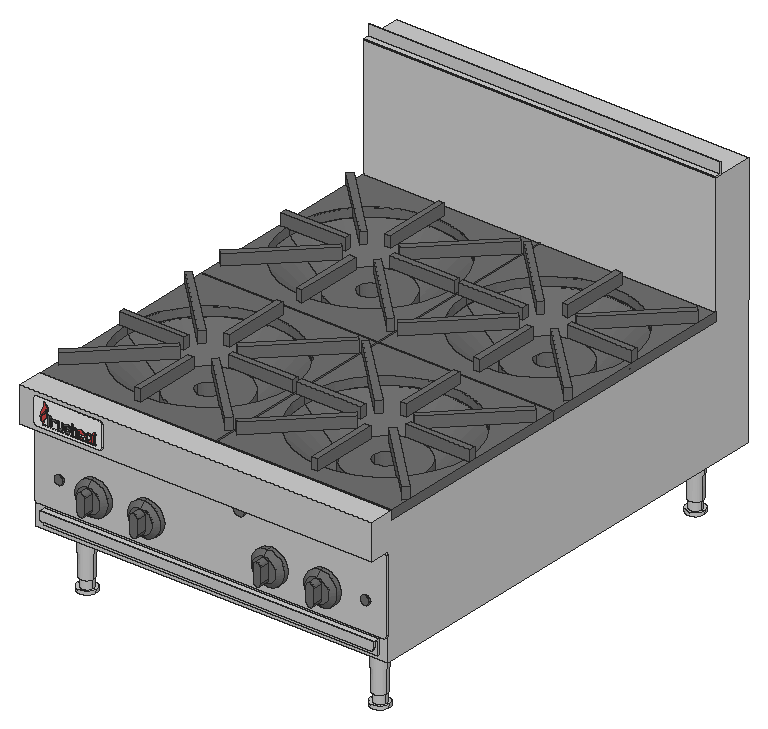
Revit family "QF_COMCATER ALL BRANDS_RCT6-4", category Specialty Equipment, Revit 2014
Parameters (values of type "RCT6-4_Natural Gas")
  URL Cutsheet = ""
  URL = ""
  Type Comments = "The Australian owned and designed* Trueheat RC Series of Gas Cooking Equipment has been developed for the restaurant and cafe market with a high quality finish, designed to fulfill the busy demands within a commercial kitchen.\r\nPowerful 24MJ/hr open burners with individual standing pilots included.\r\n100% Flame failure controls included as standard. Matt finish Euro look cast iron trivets radiate heat and design makes it easy to move pots around the surface."
  Status [instance] = ""
  Specification by User [instance] = ""
  Specification by Manufacturer [instance] = ""
  Seismic Rating = ""
  SMACNA No = ""
  Revision Code [instance] = ""
  Nominal Gas power = 23400 W
  NAFEM Spec ID Number = ""
  Model = "RCT6-4"
  Mechanical Connection Type [instance] = " "
  Masterspec = ""
  Manufacturer = "TRUEHEAT"
  Length Actual = 600 mm
  Item Number [instance] = ""
  Installed By [instance] = ""
  Identify Quantity as Lot [instance] = no
  Height Actual = 455 mm
  Gas power kW = 23.4
  Gas Size Flexible = 0 mm
  Gas Size = 19.05 mm
  Gas RI Height [instance] = 0 mm
  Gas Flow = 0.0 L/s
  Gas Connection Height [instance] = 121 mm
  Furnished By [instance] = ""
  Foodservice Equipment Identifier [instance] = yes
  Description = "4 BURNER MODULAR TOP"
  Depth Actual = 803 mm
  CSI MasterFormat = ""
  BTUH = 23400 W
  Assembly Code = "E1090320"
  Accessory = no
Types (2): name
  RCT6-4_Natural Gas
  RCT6-4_LPG
Reference planes
  plane 1 "Center (Front/Back)": y = 0
  plane 2: z = 0
  plane 3 "Center (Left/Right)": x = 0
Forms (mm)
  Extrusion 1, solid
    sketch origin (96, 0, 121) x (1, 0, 0) y (0, 1, 0)
      loop
        line (0, 0) -> (2, 0) -> (2, 2) -> (0, 2) -> (0, 0)
    from 0 to 2
Dimensions and locks
  aligned and locked: level to plane 2
Nested families
  nested 1: "QF_COMCATER ALL BRANDS_RCT6-4_Natural Gas" at (0, 0, 100), type "RCT6-4_Natural Gas"
    with Show Logo yes, Show Clearance yes
  nested 2: "QF_COMCATER_B05002-600" at (0, 0, 0), type "B05002-600"
    with Show Logo yes, Show Clearance yes
Connectors
  piping at (97, 2, 122), diameter 19.05, driven by "Gas Size", driven by "Gas Flow"
    settings: on Extrusion 1, index 1, connector inside diameter 609.6 mm, connector length 0 mm, flow factor 0, pipe flow 0.0 L/s, pressure drop 0.0 Pa, fitting loss kfactor 0, connector angle 0.00°, fixture units 0, engagement length 0 mm, angle of deflection 0.00°, flow configuration 1, flow direction 1, fitting loss method 0, system type 22, joint type 0, gender type 0, connector reference index -1, connector utility 0, adjustable connector no, is connector primary yes, connector description "Gas connection for 'RCT6-4'"
Definition of nested family "QF_COMCATER ALL BRANDS_RCT6-4_Natural Gas"
  Parameters (values of type "RCT6-4_Natural Gas")
    URL = "www.comcater.com.au"
    Show Logo [instance] = yes
    Show Clearance [instance] = yes
    Model = "RCT6-4"
    Manufacturer = "TRUEHEAT"
    Description = "4 BURNER MODULAR TOP"
    Assembly Code = "E1090320"
  Reference planes
    plane 1 "Back": y = 0
    plane 2: z = 0
    plane 3 "Left": x = 0
    plane 4 "Right": x = 600
    plane 5 "Front": y = -803
    plane 6 "Top": z = 455
  Forms (mm)
    Extrusion 1, solid
      sketch origin (0, 0, 2.5) x (0, 1, 0) y (0, 0, 1)
        loop
          line (0, 432.5) -> (-70, 432.5) -> (-70, 212.5) -> (-762.176, 212.5) -> (-762.176, 227.5) -> (-803, 227.5) -> (-803, 167.5) -> (-769, 167.5) -> (-769, -2.5) -> (0, -2.5) -> (0, 432.5)
      from 0 to 600
    Revolve 2, solid
      sketch origin (108.337, 7, -489.263) x (0, 1, 0) y (0, 0, 1)
        loop
          line (-786.003, 575.513) -> (-801, 575.513) -> (-801, 555.163) -> (-793.012, 547.176) -> (-786.003, 547.176) -> (-786.003, 575.513)
        axis (-786.003, 575.513) -> (-801, 575.513)
      angle from 0 to 360
    Extrusion 3, solid
      sketch origin (-264.343, -781, -1413.928) x (-0.707107, 0, -0.707107) y (-0.707107, 0, 0.707107)
        loop
          arc (-1328.297, 810.227) -> (-1337.277, 810.227) -> (-1337.277, 801.247) r 6.35
          line (-1337.277, 801.247) -> (-1320.325, 784.294)
          arc (-1320.325, 784.294) -> (-1311.344, 784.294) -> (-1311.344, 793.275) r 6.35
          line (-1311.344, 793.275) -> (-1328.297, 810.227)
      from -13 to -28
    Extrusion 4, solid
      sketch origin (115.838, 31, 58.75) x (1, 0, 0) y (0, 0, 1)
        loop
          circle (234.162, 91.25) r 10.607
      from 803 to 805
    Extrusion 5, solid
      sketch origin (0, -769, 2.5) x (1, 0, 0) y (0, 0, 1)
        loop
          line (0, 162.5) -> (0, 40)
          arc (0, 40) -> (1.464, 36.464) -> (5, 35) r 5
          line (5, 35) -> (595, 35)
          arc (595, 35) -> (598.536, 36.464) -> (600, 40) r 5
          line (600, 40) -> (600, 162.5)
          arc (600, 162.5) -> (598.536, 166.036) -> (595, 167.5) r 5
          line (595, 167.5) -> (5, 167.5)
          arc (5, 167.5) -> (1.464, 166.036) -> (0, 162.5) r 5
      from 0 to 3
    Extrusion 6, solid, visible <- "Show Logo"
      sketch origin (30, -802.5, 9.763) x (1, 0, 0) y (0, 0, 1)
        loop
          line (98.5, 191.841) -> (96.5, 191.841) -> (96.5, 189.798) -> (95.026, 189.798) -> (95.026, 187.798) -> (96.5, 187.798) -> (96.5, 175.237) -> (98.5, 175.237) -> (98.5, 187.798) -> (100, 187.798) -> (100, 189.798) -> (98.5, 189.798) -> (98.5, 191.841)
        loop
          line (94, 187.798) -> (92, 187.798) -> (92, 186.56)
          arc (92, 186.56) -> (81.976, 181.518) -> (92, 176.475) r 6.28
          line (92, 176.475) -> (92, 175.237) -> (94, 175.237) -> (94, 187.798)
        loop
          arc (92, 183.592) -> (83.976, 181.518) -> (92, 179.443) r 4.28
          line (92, 179.443) -> (92, 183.592)
        loop
          line (65.446, 184.298) -> (65.446, 175.237) -> (67.446, 175.237) -> (67.446, 184.729)
          arc (67.446, 184.729) -> (64.497, 187.542) -> (60.446, 187.101) r 4.833
          line (60.446, 187.101) -> (60.446, 191.841) -> (58.446, 191.841) -> (58.446, 175.237) -> (60.446, 175.237) -> (60.446, 184.298)
          arc (60.446, 184.298) -> (62.946, 185.798) -> (65.446, 184.298) r 2.833
        loop
          arc (80.998, 181.518) -> (69.107, 184.34) -> (78.461, 176.475) r 6.28
          line (78.461, 176.475) -> (77.269, 178.081)
          arc (77.269, 178.081) -> (72.794, 177.694) -> (70.437, 181.518) r 4.28
          line (70.437, 181.518) -> (80.998, 181.518)
        loop
          arc (78.502, 183.518) -> (74.717, 185.798) -> (70.933, 183.518) r 4.28
          line (70.933, 183.518) -> (78.502, 183.518)
      from 0 to 2
    Extrusion 7, solid, visible <- "Show Logo"
      sketch origin (14.146, -802.5, 9.763) x (1, 0, 0) y (0, 0, 1)
        loop
          arc (70.804, 183.518) -> (67.02, 185.798) -> (63.236, 183.518) r 4.28
          line (63.236, 183.518) -> (70.804, 183.518)
        loop
          arc (73.3, 181.518) -> (61.409, 184.34) -> (70.764, 176.475) r 6.28
          line (70.764, 176.475) -> (69.572, 178.081)
          arc (69.572, 178.081) -> (65.096, 177.694) -> (62.74, 181.518) r 4.28
          line (62.74, 181.518) -> (73.3, 181.518)
        loop
          line (34.617, 191.841) -> (34.617, 189.798) -> (33.143, 189.798) -> (33.143, 187.798) -> (34.617, 187.798) -> (34.617, 175.237) -> (36.617, 175.237) -> (36.617, 187.798) -> (38.117, 187.798) -> (38.117, 189.798) -> (36.617, 189.798) -> (36.617, 191.841) -> (34.617, 191.841)
        loop
          arc (57.696, 178.737) -> (55.196, 177.237) -> (52.696, 178.737) r 2.833
          line (52.696, 178.737) -> (52.696, 187.798) -> (50.696, 187.798) -> (50.696, 178.307)
          arc (50.696, 178.307) -> (55.196, 175.237) -> (59.696, 178.307) r 4.833
          line (59.696, 178.307) -> (59.696, 187.798) -> (57.696, 187.798) -> (57.696, 178.737)
        loop
          line (41.117, 186.56) -> (41.117, 187.798) -> (39.117, 187.798) -> (39.117, 175.237) -> (41.117, 175.237) -> (41.117, 183.592)
          arc (41.117, 183.592) -> (44.587, 185.789) -> (48.31, 184.053) r 4.28
          line (48.31, 184.053) -> (49.735, 185.478)
          arc (49.735, 185.478) -> (45.643, 187.749) -> (41.117, 186.56) r 6.28
      from 0 to 2
    Extrusion 8, solid, visible <- "Show Logo"
      sketch origin (0, -802.5, 7.5) x (1, 0, 0) y (0, 0, 1)
        loop
          line (130, 176.5) -> (40, 176.5) -> (40, 175.5) -> (130, 175.5) -> (130, 176.5)
        loop
          arc (40, 177.5) -> (40.603, 181.061) -> (42.43, 184.177) r 10.013
          arc (42.43, 184.177) -> (44.457, 187.03) -> (45.914, 190.212) r 18.627
          arc (45.914, 190.212) -> (46.43, 193.956) -> (45.458, 197.608) r 9.58
          arc (45.458, 197.608) -> (44.352, 194.23) -> (41.979, 191.583) r 8.629
          arc (41.979, 191.583) -> (38.017, 184.959) -> (40, 177.5) r 9.924
        loop
          arc (39.054, 199.801) -> (35.351, 191.043) -> (36.701, 181.631) r 17.746
          arc (36.701, 181.631) -> (36.715, 187.191) -> (39.483, 192.014) r 10.848
          arc (39.483, 192.014) -> (42.461, 196.051) -> (44.165, 200.77) r 17.413
          arc (44.165, 200.77) -> (46.042, 199.588) -> (47.328, 197.781) r 5.718
          arc (47.328, 197.781) -> (46.772, 205.563) -> (40.995, 210.808) r 10.489
          arc (40.995, 210.808) -> (41.42, 205.059) -> (39.054, 199.801) r 11.727
      from 0 to 2
    Extrusion 9, solid, visible <- "Show Logo"
      sketch origin (0, -802, 7.5) x (1, 0, 0) y (0, 0, 1)
        loop
          line (29.373, 170.5) -> (135, 170.5)
          arc (135, 170.5) -> (138.536, 171.964) -> (140, 175.5) r 5
          line (140, 175.5) -> (140, 210.808)
          arc (140, 210.808) -> (138.536, 214.344) -> (135, 215.808) r 5
          line (135, 215.808) -> (29.373, 215.808)
          arc (29.373, 215.808) -> (25.837, 214.344) -> (24.373, 210.808) r 5
          line (24.373, 210.808) -> (24.373, 175.5)
          arc (24.373, 175.5) -> (25.837, 171.964) -> (29.373, 170.5) r 5
      from 0 to 2
    Extrusion 10, solid
      sketch origin (-3057.627, -656.5, -667.68) x (1, 0, 0) y (0, 1, 0)
        loop
          line (3503.813, 452.102) -> (3513.813, 452.102) -> (3513.813, 565.456) -> (3503.813, 565.456) -> (3503.813, 452.102)
        loop
          line (3546.914, 419) -> (3546.914, 409) -> (3656.627, 409) -> (3656.627, 419) -> (3546.914, 419)
        loop
          line (3470.712, 419) -> (3360.999, 419) -> (3360.999, 409) -> (3470.712, 409) -> (3470.712, 419)
        loop
          line (3474.8, 433.871) -> (3481.872, 440.942) -> (3367.316, 555.497) -> (3360.245, 548.426) -> (3474.8, 433.871)
        loop
          line (3535.755, 440.942) -> (3542.826, 433.871) -> (3657.381, 548.426) -> (3650.31, 555.497) -> (3535.755, 440.942)
        loop
          line (3503.813, 375.899) -> (3503.813, 262.545) -> (3513.813, 262.545) -> (3513.813, 375.899) -> (3503.813, 375.899)
        loop
          line (3474.8, 394.13) -> (3360.245, 279.574) -> (3367.316, 272.503) -> (3481.872, 387.059) -> (3474.8, 394.13)
        loop
          line (3535.755, 387.059) -> (3650.31, 272.503) -> (3657.381, 279.574) -> (3542.826, 394.13) -> (3535.755, 387.059)
      from 897.68 to 916.73
    Extrusion 11, solid
      sketch origin (-3057.627, -656.5, -662.976) x (1, 0, 0) y (0, 1, 0)
        loop
          line (3657.627, 586.5) -> (3357.649, 586.5) -> (3357.649, 241.5) -> (3657.627, 241.5) -> (3657.627, 586.5)
        loop
          circle (3508.813, 414.196) r 139
      from 877.976 to 892.976
    Revolve 12, solid
      sketch origin (198.337, 7, -489.263) x (0, 1, 0) y (0, 0, 1)
        loop
          line (-786.003, 575.513) -> (-801, 575.513) -> (-801, 555.163) -> (-793.012, 547.176) -> (-786.003, 547.176) -> (-786.003, 575.513)
        axis (-786.003, 575.513) -> (-801, 575.513)
      angle from 0 to 360
    Extrusion 13, solid
      sketch origin (-174.343, -781, -1413.928) x (-0.707107, 0, -0.707107) y (-0.707107, 0, 0.707107)
        loop
          arc (-1328.297, 810.227) -> (-1337.277, 810.227) -> (-1337.277, 801.247) r 6.35
          line (-1337.277, 801.247) -> (-1320.325, 784.294)
          arc (-1320.325, 784.294) -> (-1311.344, 784.294) -> (-1311.344, 793.275) r 6.35
          line (-1311.344, 793.275) -> (-1328.297, 810.227)
      from -13 to -28
    Revolve 14, solid
      sketch origin (499.175, 7, -489.263) x (0, 1, 0) y (0, 0, -1)
        loop
          line (-786.003, -575.513) -> (-786.003, -547.176) -> (-793.012, -547.176) -> (-801, -555.163) -> (-801, -575.513) -> (-786.003, -575.513)
        axis (-786.003, -575.513) -> (-801, -575.513)
      angle from 0 to 360
    Extrusion 15, solid
      sketch origin (871.856, -781, -1413.928) x (0.707107, 0, -0.707107) y (-0.707107, 0, -0.707107)
        loop
          line (-1328.297, -810.227) -> (-1311.344, -793.275)
          arc (-1311.344, -793.275) -> (-1311.344, -784.294) -> (-1320.325, -784.294) r 6.35
          line (-1320.325, -784.294) -> (-1337.277, -801.247)
          arc (-1337.277, -801.247) -> (-1337.277, -810.227) -> (-1328.297, -810.227) r 6.35
      from -13 to -28
    Revolve 16, solid
      sketch origin (409.175, 7, -489.263) x (0, 1, 0) y (0, 0, -1)
        loop
          line (-786.003, -575.513) -> (-786.003, -547.176) -> (-793.012, -547.176) -> (-801, -555.163) -> (-801, -575.513) -> (-786.003, -575.513)
        axis (-786.003, -575.513) -> (-801, -575.513)
      angle from 0 to 360
    Extrusion 17, solid
      sketch origin (781.856, -781, -1413.928) x (0.707107, 0, -0.707107) y (-0.707107, 0, -0.707107)
        loop
          line (-1328.297, -810.227) -> (-1311.344, -793.275)
          arc (-1311.344, -793.275) -> (-1311.344, -784.294) -> (-1320.325, -784.294) r 6.35
          line (-1320.325, -784.294) -> (-1337.277, -801.247)
          arc (-1337.277, -801.247) -> (-1337.277, -810.227) -> (-1328.297, -810.227) r 6.35
      from -13 to -28
    Extrusion 18, solid
      sketch origin (-3057.627, -173.5, -667.68) x (1, 0, 0) y (0, 1, 0)
        loop
          line (3503.813, -452.102) -> (3503.813, -565.456) -> (3513.813, -565.456) -> (3513.813, -452.102) -> (3503.813, -452.102)
        loop
          line (3546.914, -419) -> (3656.627, -419) -> (3656.627, -409) -> (3546.914, -409) -> (3546.914, -419)
        loop
          line (3470.712, -419) -> (3470.712, -409) -> (3360.999, -409) -> (3360.999, -419) -> (3470.712, -419)
        loop
          line (3474.8, -433.871) -> (3360.245, -548.426) -> (3367.316, -555.497) -> (3481.872, -440.942) -> (3474.8, -433.871)
        loop
          line (3535.755, -440.942) -> (3650.31, -555.497) -> (3657.381, -548.426) -> (3542.826, -433.871) -> (3535.755, -440.942)
        loop
          line (3503.813, -375.899) -> (3513.813, -375.899) -> (3513.813, -262.545) -> (3503.813, -262.545) -> (3503.813, -375.899)
        loop
          line (3474.8, -394.13) -> (3481.872, -387.059) -> (3367.316, -272.503) -> (3360.245, -279.574) -> (3474.8, -394.13)
        loop
          line (3535.755, -387.059) -> (3542.826, -394.13) -> (3657.381, -279.574) -> (3650.31, -272.503) -> (3535.755, -387.059)
      from 897.68 to 916.73
    Extrusion 19, solid
      sketch origin (-3057.627, -173.5, -662.976) x (1, 0, 0) y (0, 1, 0)
        loop
          line (3657.627, -586.5) -> (3657.627, -241.5) -> (3357.649, -241.5) -> (3357.649, -586.5) -> (3657.627, -586.5)
        loop
          circle (3508.813, -414.196) r 139
      from 877.976 to 892.976
    Extrusion 20, solid
      sketch origin (0, -6, -680) x (1, 0, 0) y (0, 0, 1)
        loop
          circle (108.338, 766.25) r 8
      from 766 to 773.003
    Extrusion 21, solid
      sketch origin (90, -6, -680) x (1, 0, 0) y (0, 0, 1)
        loop
          circle (108.338, 766.25) r 8
      from 766 to 773.003
    Extrusion 22, solid
      sketch origin (300.837, -6, -680) x (1, 0, 0) y (0, 0, 1)
        loop
          circle (108.338, 766.25) r 8
      from 766 to 773.003
    Extrusion 23, solid
      sketch origin (390.837, -6, -680) x (1, 0, 0) y (0, 0, 1)
        loop
          circle (108.338, 766.25) r 8
      from 766 to 773.003
    Extrusion 24, solid
      sketch origin (507.5, -779, 2.5) x (-1, 0, 0) y (0, 0, -1)
        loop
          line (-77.5, -20) -> (-77.5, -30) -> (492.5, -30) -> (492.5, -20)
          arc (492.5, -20) -> (491.036, -16.464) -> (487.5, -15) r 5
          line (487.5, -15) -> (-72.5, -15)
          arc (-72.5, -15) -> (-76.036, -16.464) -> (-77.5, -20) r 5
      from 0 to 2
    Extrusion 25, solid
      sketch origin (507.5, -3, 2.5) x (0, 1, 0) y (0, 0, -1)
        loop
          line (-776, -30) -> (-766, -30) -> (-766, -4.971) -> (-768.029, -4.971) -> (-768.029, -27.971) -> (-776, -27.971) -> (-776, -30)
      from -77.5 to 492.5
    Extrusion 26, solid, visible <- "Show Clearance", detail levels coarse
      sketch origin (0, -3, -680) x (0, 1, 0) y (0, 0, 1)
        loop
          line (-768.029, 687.471) -> (-768.029, 712.5) -> (-1193, 712.5) -> (-1193, 687.471) -> (-768.029, 687.471)
      from 15 to 585
    Blend 27, void
      base sketch origin (0, 0, -35) x (1, 0, 0) y (0, 1, 0)
        loop
          circle (451.186, -242.304) r 70
      top sketch origin (0, 0, 0) x (1, 0, 0) y (0, 1, 0)
        loop
          circle (451.186, -242.304) r 140
      from 185 to 215
    Blend 28, void
      base sketch origin (0, -345.392, -35) x (1, 0, 0) y (0, 1, 0)
        loop
          circle (451.186, -242.304) r 70
      top sketch origin (0, -345.392, 0) x (1, 0, 0) y (0, 1, 0)
        loop
          circle (451.186, -242.304) r 140
      from 185 to 215
    Extrusion 29, solid
      sketch origin (0, 0, 150) x (1, 0, 0) y (0, 1, 0)
        loop
          circle (451.186, -242.304) r 65
        loop
          circle (451.186, -242.304) r 20
      from 0 to 30
    Extrusion 30, solid
      sketch origin (0, -345, 150) x (1, 0, 0) y (0, 1, 0)
        loop
          circle (451.186, -242.304) r 65
        loop
          circle (451.186, -242.304) r 20
      from 0 to 30
    Extrusion 31, solid
      sketch origin (0, -23, 0) x (0, 1, 0) y (0, 0, 1)
        loop
          line (-47, 435) -> (-35, 435) -> (-35, 455) -> (-37, 455) -> (-37, 437) -> (-47, 437) -> (-47, 435)
      from 0 to 600
    Extrusion 32, solid
      sketch origin (96, 10, -828) x (1, 0, 0) y (0, 0, 1)
        loop
          circle (0, 850) r 9.3
      from 0 to 10
    Extrusion 33, solid
      sketch origin (0, -772, -680) x (1, 0, 0) y (0, 0, 1)
        loop
          circle (42.5, 766.25) r 7.5
      from 0 to 2
    Extrusion 34, solid
      sketch origin (522.512, -772, -680) x (1, 0, 0) y (0, 0, 1)
        loop
          circle (42.5, 766.25) r 7.5
      from 0 to 2
    Sweep 35, solid
      path origin (0, 0, -680) x (1, 0, 0) y (0, 1, 0)
        loop
          circle (451.186, -587.5) r 139
      profile origin (451.186, -448.5, -680) x (0, -1, 0) y (0, 0, 1)
        loop
          line (-0.987, 895) -> (69.013, 830) -> (70.013, 830) -> (71.013, 830) -> (1.013, 895) -> (-0.987, 895)
    Sweep 36, solid
      path origin (0, 345.392, -680) x (1, 0, 0) y (0, 1, 0)
        loop
          circle (451.186, -587.5) r 139
      profile origin (451.186, -103.108, -680) x (0, -1, 0) y (0, 0, 1)
        loop
          line (-0.987, 895) -> (69.013, 830) -> (70.013, 830) -> (71.013, 830) -> (1.013, 895) -> (-0.987, 895)
    Extrusion 37, solid
      sketch origin (-3359.999, -656.5, -667.68) x (1, 0, 0) y (0, 1, 0)
        loop
          line (3503.813, 452.102) -> (3513.813, 452.102) -> (3513.813, 565.456) -> (3503.813, 565.456) -> (3503.813, 452.102)
        loop
          line (3546.914, 419) -> (3546.914, 409) -> (3656.627, 409) -> (3656.627, 419) -> (3546.914, 419)
        loop
          line (3470.712, 419) -> (3360.999, 419) -> (3360.999, 409) -> (3470.712, 409) -> (3470.712, 419)
        loop
          line (3474.8, 433.871) -> (3481.872, 440.942) -> (3367.316, 555.497) -> (3360.245, 548.426) -> (3474.8, 433.871)
        loop
          line (3535.755, 440.942) -> (3542.826, 433.871) -> (3657.381, 548.426) -> (3650.31, 555.497) -> (3535.755, 440.942)
        loop
          line (3503.813, 375.899) -> (3503.813, 262.545) -> (3513.813, 262.545) -> (3513.813, 375.899) -> (3503.813, 375.899)
        loop
          line (3474.8, 394.13) -> (3360.245, 279.574) -> (3367.316, 272.503) -> (3481.872, 387.059) -> (3474.8, 394.13)
        loop
          line (3535.755, 387.059) -> (3650.31, 272.503) -> (3657.381, 279.574) -> (3542.826, 394.13) -> (3535.755, 387.059)
      from 897.68 to 916.73
    Extrusion 38, solid
      sketch origin (-3359.999, -656.5, -662.976) x (1, 0, 0) y (0, 1, 0)
        loop
          line (3660.022, 586.5) -> (3359.999, 586.5) -> (3359.999, 241.5) -> (3660.022, 241.5) -> (3660.022, 586.5)
        loop
          circle (3508.813, 414.196) r 139
      from 877.976 to 892.976
    Extrusion 39, solid
      sketch origin (-3359.999, -173.5, -667.68) x (1, 0, 0) y (0, 1, 0)
        loop
          line (3503.813, -452.102) -> (3503.813, -565.456) -> (3513.813, -565.456) -> (3513.813, -452.102) -> (3503.813, -452.102)
        loop
          line (3546.914, -419) -> (3656.627, -419) -> (3656.627, -409) -> (3546.914, -409) -> (3546.914, -419)
        loop
          line (3470.712, -419) -> (3470.712, -409) -> (3360.999, -409) -> (3360.999, -419) -> (3470.712, -419)
        loop
          line (3474.8, -433.871) -> (3360.245, -548.426) -> (3367.316, -555.497) -> (3481.872, -440.942) -> (3474.8, -433.871)
        loop
          line (3535.755, -440.942) -> (3650.31, -555.497) -> (3657.381, -548.426) -> (3542.826, -433.871) -> (3535.755, -440.942)
        loop
          line (3503.813, -375.899) -> (3513.813, -375.899) -> (3513.813, -262.545) -> (3503.813, -262.545) -> (3503.813, -375.899)
        loop
          line (3474.8, -394.13) -> (3481.872, -387.059) -> (3367.316, -272.503) -> (3360.245, -279.574) -> (3474.8, -394.13)
        loop
          line (3535.755, -387.059) -> (3542.826, -394.13) -> (3657.381, -279.574) -> (3650.31, -272.503) -> (3535.755, -387.059)
      from 897.68 to 916.73
    Extrusion 40, solid
      sketch origin (-3359.999, -173.5, -662.976) x (1, 0, 0) y (0, 1, 0)
        loop
          line (3660.022, -586.5) -> (3660.022, -241.5) -> (3359.999, -241.5) -> (3359.999, -586.5) -> (3660.022, -586.5)
        loop
          circle (3508.813, -414.196) r 139
      from 877.976 to 892.976
    Extrusion 41, solid
      sketch origin (-302.372, 0, 150) x (1, 0, 0) y (0, 1, 0)
        loop
          circle (451.186, -242.304) r 65
        loop
          circle (451.186, -242.304) r 20
      from 0 to 30
    Extrusion 42, solid
      sketch origin (-302.372, -345, 150) x (1, 0, 0) y (0, 1, 0)
        loop
          circle (451.186, -242.304) r 65
        loop
          circle (451.186, -242.304) r 20
      from 0 to 30
    Sweep 43, solid
      path origin (-302.372, 0, -680) x (1, 0, 0) y (0, 1, 0)
        loop
          circle (451.186, -587.5) r 139
      profile origin (148.814, -448.5, -680) x (0, -1, 0) y (0, 0, 1)
        loop
          line (-0.987, 895) -> (69.013, 830) -> (70.013, 830) -> (71.013, 830) -> (1.013, 895) -> (-0.987, 895)
    Sweep 44, solid
      path origin (-302.372, 345.392, -680) x (1, 0, 0) y (0, 1, 0)
        loop
          circle (451.186, -587.5) r 139
      profile origin (148.814, -103.108, -680) x (0, -1, 0) y (0, 0, 1)
        loop
          line (-0.987, 895) -> (69.013, 830) -> (70.013, 830) -> (71.013, 830) -> (1.013, 895) -> (-0.987, 895)
    Blend 45, void
      base sketch origin (600, 0, -35) x (-1, 0, 0) y (0, -1, 0)
        loop
          circle (451.186, 242.304) r 70
      top sketch origin (600, 0, 0) x (-1, 0, 0) y (0, -1, 0)
        loop
          circle (451.186, 242.304) r 140
      from 185 to 215
    Blend 46, void
      base sketch origin (600, -830, -35) x (-1, 0, 0) y (0, -1, 0)
        loop
          circle (451.186, -242.304) r 70
      top sketch origin (600, -830, 0) x (-1, 0, 0) y (0, -1, 0)
        loop
          circle (451.186, -242.304) r 140
      from 185 to 215
    Extrusion 47, solid, visible <- "Show Clearance", detail levels coarse
      sketch origin (0, 0, 0) x (1, 0, 0) y (0, 1, 0)
        loop
          line (750, 150) -> (-150, 150) -> (-150, -803) -> (0, -803) -> (0, 0) -> (600, 0) -> (600, -803) -> (750, -803) -> (750, 150)
      from 0 to 455
  Cuts and joins
    Blend 27, Blend 28, Blend 45, Blend 46 cuts Extrusion 1
    Blend 45 cuts Extrusion 11
    Blend 45 cuts Extrusion 29
    Blend 46 cuts Extrusion 38
    Blend 46 cuts Extrusion 41
  Lines and regions (mm)
    symbolic lines, style "200-EquipBorder-2D"
      curve 1: line (0, 0, 0) -> (600, 0, 0)
      curve 2: line (600, -803, 0) -> (0, -803, 0)
      curve 6: line (0, 0, 0) -> (0, -803, 0)
      curve 7: line (600, -803, 0) -> (600, 0, 0)
      curve 10: line (0, -70, 0) -> (600, -70, 0)
      curve 211: line (86.7, 10, 0) -> (105.3, 10, 0)
      curve 212: line (105.3, 10, 0) -> (105.3, 0, 0)
      curve 213: line (86.7, 10, 0) -> (86.7, 0, 0)
    symbolic lines, style "QF_Door-Drawer Clearances", visible <- "Show Clearance"
      curve 3: line (15, -1196, 0) -> (585, -1196, 0)
      curve 4: line (15, -1196, 0) -> (15, -803, 0)
      curve 5: line (585, -1196, 0) -> (585, -803, 0)
    symbolic lines, style "200-EquipInternal-2D"
      curve 8: line (600, -58, 0) -> (0, -58, 0)
      curve 9: line (0, -60, 0) -> (600, -60, 0)
      curve 11: line (600, -762.176, 0) -> (0, -762.176, 0)
      curve 12: line (290.311, -446.003, 0) -> (175.756, -560.558, 0)
      curve 13: line (182.827, -567.629, 0) -> (297.382, -453.074, 0)
      curve 14: line (153.814, -549.399, 0) -> (153.814, -436.045, 0)
      curve 15: line (143.814, -436.045, 0) -> (143.814, -549.399, 0)
      curve 16: line (121.872, -560.558, 0) -> (7.317, -446.003, 0)
      curve 17: line (0.246, -453.074, 0) -> (114.801, -567.629, 0)
      curve 18: line (110.713, -582.5, 0) -> (1, -582.5, 0)
      curve 19: line (1, -592.5, 0) -> (110.713, -592.5, 0)
      curve 20: line (114.801, -607.371, 0) -> (0.246, -721.926, 0)
      curve 21: line (7.317, -728.997, 0) -> (121.872, -614.442, 0)
      curve 22: line (153.814, -738.955, 0) -> (153.814, -625.601, 0)
      curve 23: line (143.814, -625.601, 0) -> (143.814, -738.955, 0)
      curve 24: line (175.756, -614.442, 0) -> (290.311, -728.997, 0)
      curve 25: line (297.382, -721.926, 0) -> (182.827, -607.371, 0)
      curve 26: line (186.915, -592.5, 0) -> (296.628, -592.5, 0)
      curve 27: line (296.628, -582.5, 0) -> (186.915, -582.5, 0)
      curve 28: line (175.756, -560.558, 0) -> (182.827, -567.629, 0)
      curve 29: line (143.814, -549.399, 0) -> (153.814, -549.399, 0)
      curve 30: line (110.713, -592.5, 0) -> (110.713, -582.5, 0)
      curve 31: line (114.801, -567.629, 0) -> (121.872, -560.558, 0)
      curve 32: line (121.872, -614.442, 0) -> (114.801, -607.371, 0)
      curve 33: line (153.814, -625.601, 0) -> (143.814, -625.601, 0)
      curve 34: line (186.915, -582.5, 0) -> (186.915, -592.5, 0)
      curve 35: line (182.827, -607.371, 0) -> (175.756, -614.442, 0)
      curve 36: line (7.317, -446.003, 0) -> (0.246, -453.074, 0)
      curve 37: line (153.814, -436.045, 0) -> (143.814, -436.045, 0)
      curve 38: line (1, -582.5, 0) -> (1, -592.5, 0)
      curve 39: line (0.246, -721.926, 0) -> (7.317, -728.997, 0)
      curve 40: line (143.814, -738.955, 0) -> (153.814, -738.955, 0)
      curve 41: line (290.311, -728.997, 0) -> (297.382, -721.926, 0)
      curve 42: line (296.628, -592.5, 0) -> (296.628, -582.5, 0)
      curve 43: line (297.382, -453.074, 0) -> (290.311, -446.003, 0)
      curve 44: arc (143.814, -522.496, 0) -> (121.583, -528.283, 0) -> (102.754, -541.44, 0) r 65
      curve 45: arc (96.245, -549.074, 0) -> (87.785, -564.932, 0) -> (83.992, -582.5, 0) r 65
      curve 46: arc (153.814, -522.496, 0) -> (176.044, -528.283, 0) -> (194.874, -541.44, 0) r 65
      curve 47: arc (201.382, -549.074, 0) -> (209.842, -564.932, 0) -> (213.636, -582.5, 0) r 65
      curve 48: circle (148.814, -587.304, 0) r 20 normal (0, 0, 1)
      curve 49: arc (143.814, -652.504, 0) -> (121.583, -646.717, 0) -> (102.754, -633.56, 0) r 65
      curve 50: arc (96.245, -625.926, 0) -> (87.785, -610.068, 0) -> (83.992, -592.5, 0) r 65
      curve 51: arc (153.814, -652.504, 0) -> (176.044, -646.717, 0) -> (194.874, -633.56, 0) r 65
      curve 52: arc (201.382, -625.926, 0) -> (209.842, -610.068, 0) -> (213.636, -592.5, 0) r 65
      curve 53: arc (153.814, -448.786, 0) -> (204.222, -460.252, 0) -> (246.922, -489.391, 0) r 138.608
      curve 54: arc (287.528, -582.5, 0) -> (278.044, -536.666, 0) -> (253.865, -496.591, 0) r 138.797
      curve 55: arc (143.814, -448.786, 0) -> (93.406, -460.252, 0) -> (50.705, -489.391, 0) r 138.608
      curve 56: arc (10.1, -582.5, 0) -> (19.584, -536.666, 0) -> (43.763, -496.591, 0) r 138.797
      curve 57: arc (153.814, -726.214, 0) -> (204.222, -714.748, 0) -> (246.922, -685.609, 0) r 138.608
      curve 58: arc (287.528, -592.5, 0) -> (278.044, -638.334, 0) -> (253.865, -678.409, 0) r 138.797
      curve 59: arc (143.814, -726.214, 0) -> (93.406, -714.748, 0) -> (50.705, -685.609, 0) r 138.608
      curve 60: arc (10.1, -592.5, 0) -> (19.584, -638.334, 0) -> (43.763, -678.409, 0) r 138.797
      curve 61: line (0, -760, 0) -> (600, -760, 0)
      curve 62: line (300.022, -70, 0) -> (300.022, -760, 0)
      curve 63: line (592.683, -101.003, 0) -> (478.128, -215.558, 0)
      curve 64: line (485.199, -222.629, 0) -> (599.754, -108.074, 0)
      curve 65: line (456.186, -204.399, 0) -> (456.186, -91.045, 0)
      curve 66: line (446.186, -91.045, 0) -> (446.186, -204.399, 0)
      curve 67: line (424.244, -215.558, 0) -> (309.689, -101.003, 0)
      curve 68: line (302.618, -108.074, 0) -> (417.173, -222.629, 0)
      curve 69: line (413.085, -237.5, 0) -> (303.372, -237.5, 0)
      curve 70: line (303.372, -247.5, 0) -> (413.085, -247.5, 0)
      curve 71: line (417.173, -262.371, 0) -> (302.618, -376.926, 0)
      curve 72: line (309.689, -383.997, 0) -> (424.244, -269.442, 0)
      curve 73: line (456.186, -393.955, 0) -> (456.186, -280.601, 0)
      curve 74: line (446.186, -280.601, 0) -> (446.186, -393.955, 0)
      curve 75: line (478.128, -269.442, 0) -> (592.683, -383.997, 0)
      curve 76: line (599.754, -376.926, 0) -> (485.199, -262.371, 0)
      curve 77: line (489.287, -247.5, 0) -> (599, -247.5, 0)
      curve 78: line (599, -237.5, 0) -> (489.287, -237.5, 0)
      curve 79: line (478.128, -215.558, 0) -> (485.199, -222.629, 0)
      curve 80: line (446.186, -204.399, 0) -> (456.186, -204.399, 0)
      curve 81: line (413.085, -247.5, 0) -> (413.085, -237.5, 0)
      curve 82: line (417.173, -222.629, 0) -> (424.244, -215.558, 0)
      curve 83: line (424.244, -269.442, 0) -> (417.173, -262.371, 0)
      curve 84: line (456.186, -280.601, 0) -> (446.186, -280.601, 0)
      curve 85: line (489.287, -237.5, 0) -> (489.287, -247.5, 0)
      curve 86: line (485.199, -262.371, 0) -> (478.128, -269.442, 0)
      curve 87: line (309.689, -101.003, 0) -> (302.618, -108.074, 0)
      curve 88: line (456.186, -91.045, 0) -> (446.186, -91.045, 0)
      curve 89: line (303.372, -237.5, 0) -> (303.372, -247.5, 0)
      curve 90: line (302.618, -376.926, 0) -> (309.689, -383.997, 0)
      curve 91: line (446.186, -393.955, 0) -> (456.186, -393.955, 0)
      curve 92: line (592.683, -383.997, 0) -> (599.754, -376.926, 0)
      curve 93: line (599, -247.5, 0) -> (599, -237.5, 0)
      curve 94: line (599.754, -108.074, 0) -> (592.683, -101.003, 0)
      curve 95: arc (446.186, -177.496, 0) -> (423.956, -183.283, 0) -> (405.126, -196.44, 0) r 65
      curve 96: arc (398.618, -204.074, 0) -> (390.158, -219.932, 0) -> (386.364, -237.5, 0) r 65
      curve 97: arc (456.186, -177.496, 0) -> (478.417, -183.283, 0) -> (497.246, -196.44, 0) r 65
      curve 98: arc (503.755, -204.074, 0) -> (512.215, -219.932, 0) -> (516.008, -237.5, 0) r 65
      curve 99: circle (451.186, -242.304, 0) r 20 normal (0, 0, 1)
      curve 100: arc (446.186, -307.504, 0) -> (423.956, -301.717, 0) -> (405.126, -288.56, 0) r 65
      curve 101: arc (398.618, -280.926, 0) -> (390.158, -265.068, 0) -> (386.364, -247.5, 0) r 65
      curve 102: arc (456.186, -307.504, 0) -> (478.417, -301.717, 0) -> (497.246, -288.56, 0) r 65
      curve 103: arc (503.755, -280.926, 0) -> (512.215, -265.068, 0) -> (516.008, -247.5, 0) r 65
      curve 104: line (592.683, -446.003, 0) -> (478.128, -560.558, 0)
      curve 105: line (485.199, -567.629, 0) -> (599.754, -453.074, 0)
      curve 106: line (456.186, -549.399, 0) -> (456.186, -436.045, 0)
      curve 107: line (446.186, -436.045, 0) -> (446.186, -549.399, 0)
      curve 108: line (424.244, -560.558, 0) -> (309.689, -446.003, 0)
      curve 109: line (302.618, -453.074, 0) -> (417.173, -567.629, 0)
      curve 110: line (413.085, -582.5, 0) -> (303.372, -582.5, 0)
      curve 111: line (303.372, -592.5, 0) -> (413.085, -592.5, 0)
      curve 112: line (417.173, -607.371, 0) -> (302.618, -721.926, 0)
      curve 113: line (309.689, -728.997, 0) -> (424.244, -614.442, 0)
      curve 114: line (456.186, -738.955, 0) -> (456.186, -625.601, 0)
      curve 115: line (446.186, -625.601, 0) -> (446.186, -738.955, 0)
      curve 116: line (478.128, -614.442, 0) -> (592.683, -728.997, 0)
      curve 117: line (599.754, -721.926, 0) -> (485.199, -607.371, 0)
      curve 118: line (489.287, -592.5, 0) -> (599, -592.5, 0)
      curve 119: line (599, -582.5, 0) -> (489.287, -582.5, 0)
      curve 120: line (478.128, -560.558, 0) -> (485.199, -567.629, 0)
      curve 121: line (446.186, -549.399, 0) -> (456.186, -549.399, 0)
      curve 122: line (413.085, -592.5, 0) -> (413.085, -582.5, 0)
      curve 123: line (417.173, -567.629, 0) -> (424.244, -560.558, 0)
      curve 124: line (424.244, -614.442, 0) -> (417.173, -607.371, 0)
      curve 125: line (456.186, -625.601, 0) -> (446.186, -625.601, 0)
      curve 126: line (489.287, -582.5, 0) -> (489.287, -592.5, 0)
      curve 127: line (485.199, -607.371, 0) -> (478.128, -614.442, 0)
      curve 128: line (309.689, -446.003, 0) -> (302.618, -453.074, 0)
      curve 129: line (456.186, -436.045, 0) -> (446.186, -436.045, 0)
      curve 130: line (303.372, -582.5, 0) -> (303.372, -592.5, 0)
      curve 131: line (302.618, -721.926, 0) -> (309.689, -728.997, 0)
      curve 132: line (446.186, -738.955, 0) -> (456.186, -738.955, 0)
      curve 133: line (592.683, -728.997, 0) -> (599.754, -721.926, 0)
      curve 134: line (599, -592.5, 0) -> (599, -582.5, 0)
      curve 135: line (599.754, -453.074, 0) -> (592.683, -446.003, 0)
      curve 136: arc (446.186, -522.496, 0) -> (423.956, -528.283, 0) -> (405.126, -541.44, 0) r 65
      curve 137: arc (398.618, -549.074, 0) -> (390.158, -564.932, 0) -> (386.364, -582.5, 0) r 65
      curve 138: arc (456.186, -522.496, 0) -> (478.417, -528.283, 0) -> (497.246, -541.44, 0) r 65
      curve 139: arc (503.755, -549.074, 0) -> (512.215, -564.932, 0) -> (516.008, -582.5, 0) r 65
      curve 140: circle (451.186, -587.304, 0) r 20 normal (0, 0, 1)
      curve 141: arc (446.186, -652.504, 0) -> (423.956, -646.717, 0) -> (405.126, -633.56, 0) r 65
      curve 142: arc (398.618, -625.926, 0) -> (390.158, -610.068, 0) -> (386.364, -592.5, 0) r 65
      curve 143: arc (456.186, -652.504, 0) -> (478.417, -646.717, 0) -> (497.246, -633.56, 0) r 65
      curve 144: arc (503.755, -625.926, 0) -> (512.215, -610.068, 0) -> (516.008, -592.5, 0) r 65
      curve 145: arc (456.186, -448.786, 0) -> (506.594, -460.252, 0) -> (549.295, -489.391, 0) r 138.608
      curve 146: arc (589.9, -582.5, 0) -> (580.416, -536.666, 0) -> (556.237, -496.591, 0) r 138.797
      curve 147: arc (446.186, -448.786, 0) -> (395.778, -460.252, 0) -> (353.078, -489.391, 0) r 138.608
      curve 148: arc (312.472, -582.5, 0) -> (321.956, -536.666, 0) -> (346.135, -496.591, 0) r 138.797
      curve 149: arc (456.186, -726.214, 0) -> (506.594, -714.748, 0) -> (549.295, -685.609, 0) r 138.608
      curve 150: arc (589.9, -592.5, 0) -> (580.416, -638.334, 0) -> (556.237, -678.409, 0) r 138.797
      curve 151: arc (446.186, -726.214, 0) -> (395.778, -714.748, 0) -> (353.078, -685.609, 0) r 138.608
      curve 152: arc (312.472, -592.5, 0) -> (321.956, -638.334, 0) -> (346.135, -678.409, 0) r 138.797
      curve 153: line (0, -415, 0) -> (600, -415, 0)
      curve 154: line (290.311, -101.003, 0) -> (175.756, -215.558, 0)
      curve 155: line (182.827, -222.629, 0) -> (297.382, -108.074, 0)
      curve 156: line (153.814, -204.399, 0) -> (153.814, -91.045, 0)
      curve 157: line (143.814, -91.045, 0) -> (143.814, -204.399, 0)
      curve 158: line (121.872, -215.558, 0) -> (7.317, -101.003, 0)
      curve 159: line (0.246, -108.074, 0) -> (114.801, -222.629, 0)
      curve 160: line (110.713, -237.5, 0) -> (1, -237.5, 0)
      curve 161: line (1, -247.5, 0) -> (110.713, -247.5, 0)
      curve 162: line (114.801, -262.371, 0) -> (0.246, -376.926, 0)
      curve 163: line (7.317, -383.997, 0) -> (121.872, -269.442, 0)
      curve 164: line (153.814, -393.955, 0) -> (153.814, -280.601, 0)
      curve 165: line (143.814, -280.601, 0) -> (143.814, -393.955, 0)
      curve 166: line (175.756, -269.442, 0) -> (290.311, -383.997, 0)
      curve 167: line (297.382, -376.926, 0) -> (182.827, -262.371, 0)
      curve 168: line (186.915, -247.5, 0) -> (296.628, -247.5, 0)
      curve 169: line (296.628, -237.5, 0) -> (186.915, -237.5, 0)
      curve 170: line (175.756, -215.558, 0) -> (182.827, -222.629, 0)
      curve 171: line (143.814, -204.399, 0) -> (153.814, -204.399, 0)
      curve 172: line (110.713, -247.5, 0) -> (110.713, -237.5, 0)
      curve 173: line (114.801, -222.629, 0) -> (121.872, -215.558, 0)
      curve 174: line (121.872, -269.442, 0) -> (114.801, -262.371, 0)
      curve 175: line (153.814, -280.601, 0) -> (143.814, -280.601, 0)
      curve 176: line (186.915, -237.5, 0) -> (186.915, -247.5, 0)
      curve 177: line (182.827, -262.371, 0) -> (175.756, -269.442, 0)
      curve 178: line (7.317, -101.003, 0) -> (0.246, -108.074, 0)
      curve 179: line (153.814, -91.045, 0) -> (143.814, -91.045, 0)
      curve 180: line (1, -237.5, 0) -> (1, -247.5, 0)
      curve 181: line (0.246, -376.926, 0) -> (7.317, -383.997, 0)
      curve 182: line (143.814, -393.955, 0) -> (153.814, -393.955, 0)
      curve 183: line (290.311, -383.997, 0) -> (297.382, -376.926, 0)
      curve 184: line (296.628, -247.5, 0) -> (296.628, -237.5, 0)
      curve 185: line (297.382, -108.074, 0) -> (290.311, -101.003, 0)
      curve 186: arc (143.814, -177.496, 0) -> (121.583, -183.283, 0) -> (102.754, -196.44, 0) r 65
      curve 187: arc (96.245, -204.074, 0) -> (87.785, -219.932, 0) -> (83.992, -237.5, 0) r 65
      curve 188: arc (153.814, -177.496, 0) -> (176.044, -183.283, 0) -> (194.874, -196.44, 0) r 65
      curve 189: arc (201.382, -204.074, 0) -> (209.842, -219.932, 0) -> (213.636, -237.5, 0) r 65
      curve 190: circle (148.814, -242.304, 0) r 20 normal (0, 0, 1)
      curve 191: arc (143.814, -307.504, 0) -> (121.583, -301.717, 0) -> (102.754, -288.56, 0) r 65
      curve 192: arc (96.245, -280.926, 0) -> (87.785, -265.068, 0) -> (83.992, -247.5, 0) r 65
      curve 193: arc (153.814, -307.504, 0) -> (176.044, -301.717, 0) -> (194.874, -288.56, 0) r 65
      curve 194: arc (201.382, -280.926, 0) -> (209.842, -265.068, 0) -> (213.636, -247.5, 0) r 65
      curve 195: arc (153.814, -103.786, 0) -> (204.222, -115.252, 0) -> (246.922, -144.391, 0) r 138.608
      curve 196: arc (287.528, -237.5, 0) -> (278.044, -191.666, 0) -> (253.865, -151.591, 0) r 138.797
      curve 197: arc (143.814, -103.786, 0) -> (93.406, -115.252, 0) -> (50.705, -144.391, 0) r 138.608
      curve 198: arc (10.1, -237.5, 0) -> (19.584, -191.666, 0) -> (43.763, -151.591, 0) r 138.797
      curve 199: arc (153.814, -381.214, 0) -> (204.222, -369.748, 0) -> (246.922, -340.609, 0) r 138.608
      curve 200: arc (287.528, -247.5, 0) -> (278.044, -293.334, 0) -> (253.865, -333.409, 0) r 138.797
      curve 201: arc (143.814, -381.214, 0) -> (93.406, -369.748, 0) -> (50.705, -340.609, 0) r 138.608
      curve 202: arc (10.1, -247.5, 0) -> (19.584, -293.334, 0) -> (43.763, -333.409, 0) r 138.797
      curve 203: arc (456.186, -103.394, 0) -> (506.594, -114.86, 0) -> (549.295, -143.999, 0) r 138.608
      curve 204: arc (589.9, -237.108, 0) -> (580.416, -191.274, 0) -> (556.237, -151.199, 0) r 138.797
      curve 205: arc (446.186, -103.394, 0) -> (395.778, -114.86, 0) -> (353.078, -143.999, 0) r 138.608
      curve 206: arc (312.472, -237.108, 0) -> (321.956, -191.274, 0) -> (346.135, -151.199, 0) r 138.797
      curve 207: arc (456.186, -380.821, 0) -> (506.594, -369.355, 0) -> (549.295, -340.216, 0) r 138.608
      curve 208: arc (589.9, -247.108, 0) -> (580.416, -292.941, 0) -> (556.237, -333.017, 0) r 138.797
      curve 209: arc (446.186, -380.821, 0) -> (395.778, -369.355, 0) -> (353.078, -340.216, 0) r 138.608
      curve 210: arc (312.472, -247.108, 0) -> (321.956, -292.941, 0) -> (346.135, -333.017, 0) r 138.797
    symbolic lines, style "QF_Clearances", visible <- "Show Clearance"
      curve 214: line (-150, -803, 0) -> (-150, 150, 0)
      curve 215: line (-150, 150, 0) -> (750, 150, 0)
      curve 216: line (750, 150, 0) -> (750, -803, 0)
  Dimensions and locks
    plane 1 "Back" to plane 5 "Front" = 803 mm
    plane 6 "Top" to level = 455 mm
    plane 3 "Left" to plane 4 "Right" = 600 mm
    plane 5 "Front" to plane 1 "Back" = 803 mm
    plane 4 "Right" to plane 3 "Left" = 600 mm
    aligned and locked: level to plane 2
  Connectors
    piping at (96, 10, 22), diameter 19
      settings: on Extrusion 32, index 1, connector inside diameter 609.6 mm, connector length 0 mm, flow factor 0, pipe flow 0.0 L/s, pressure drop 0.0 Pa, fitting loss kfactor 0, connector angle 0.00°, fixture units 0, engagement length 0 mm, angle of deflection 0.00°, flow configuration 1, flow direction 1, fitting loss method 0, system type 22, joint type 0, gender type 0, connector reference index -1, connector utility 0, adjustable connector no, is connector primary yes, connector description "Gas Inlet"
Definition of nested family "QF_COMCATER_B05002-600"
  Parameters (values of type "B05002-600")
    URL = ""
    Type Comments = ""
    Show Logo [instance] = yes
    Show Clearance [instance] = yes
    Model = "B05002"
    Manufacturer = "TRUEHEAT"
    Length Actual = 600 mm
    Height Actual = 100 mm
    Description = "ADJUSTABLE LEG FOR RCT COUNTERTOP MOUNTING 600MM"
    Depth Actual = 803 mm
    Assembly Code = "E1090320"
    Accessory = yes
  Reference planes
    plane 1 "Back": y = 0
    plane 2: z = 0
    plane 3 "Left": x = 0
    plane 4 "Right": x = 600
    plane 5 "Front": y = -803
    plane 6 "Top": z = 100
  Forms (mm)
    Revolve 1, solid
      sketch origin (0, -50, 0) x (1, 0, 0) y (0, 0, 1)
        loop
          line (50, 0) -> (65.5, 0) -> (65.5, 5) -> (60, 5) -> (60, 20) -> (62, 20) -> (63.5, 95) -> (65.5, 95) -> (65.5, 100) -> (50, 100) -> (50, 0)
        axis (50, 0) -> (50, 100)
      angle from 0 to 360
    Revolve 2, solid
      sketch origin (0, -723, 0) x (1, 0, 0) y (0, 0, -1)
        loop
          line (50, 0) -> (50, -100) -> (65.5, -100) -> (65.5, -95) -> (63.5, -95) -> (62, -20) -> (60, -20) -> (60, -5) -> (65.5, -5) -> (65.5, 0) -> (50, 0)
        axis (50, 0) -> (50, -100)
      angle from 0 to 360
    Revolve 3, solid
      sketch origin (600, -50, 0) x (-1, 0, 0) y (0, 0, -1)
        loop
          line (50, 0) -> (50, -100) -> (65.5, -100) -> (65.5, -95) -> (63.5, -95) -> (62, -20) -> (60, -20) -> (60, -5) -> (65.5, -5) -> (65.5, 0) -> (50, 0)
        axis (50, 0) -> (50, -100)
      angle from 0 to 360
    Revolve 4, solid
      sketch origin (600, -723, 0) x (-1, 0, 0) y (0, 0, 1)
        loop
          line (50, 0) -> (65.5, 0) -> (65.5, 5) -> (60, 5) -> (60, 20) -> (62, 20) -> (63.5, 95) -> (65.5, 95) -> (65.5, 100) -> (50, 100) -> (50, 0)
        axis (50, 0) -> (50, 100)
      angle from 0 to 360
  Dimensions and locks
    plane 5 "Front" to plane 1 "Back" = 803 mm
    plane 6 "Top" to level = 100 mm
    plane 3 "Left" to plane 4 "Right" = 600 mm
    aligned and locked: level to plane 2
